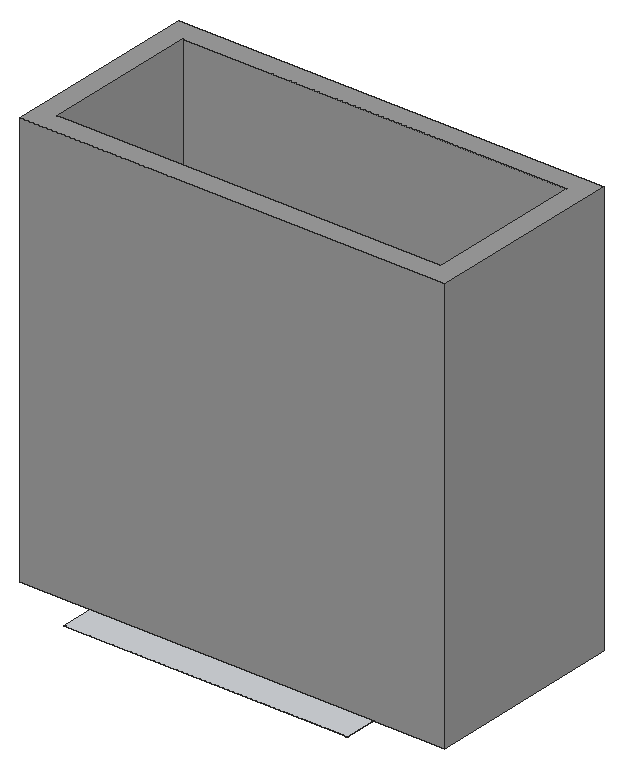
Revit family "WLL_room_template", category Walls, Revit 2024
Family settings
  Work Plane-Based = No
  Always vertical = No
  Cut with Voids When Loaded = No
  Shared = Yes
Parameters
  Type IFC Predefined Type = "PARTITIONING"
  Structural Material = none
  HSL_drofus_room_func_no [instance] = ""
  HSL_WIDTH [instance] = 2367.295 mm
  HSL_ROOM_NUMBER [instance] = ""
  HSL_ROOM_NAME_SHORT [instance] = ""
  HSL_ROOM_NAME [instance] = ""
  HSL_HEIGHT [instance] = 2438.4 mm
  HSL_GROSS_FLOOR_AREA [instance] = 0.00 m²
  HSL_DEPTH [instance] = 1044.001 mm
  HSL_DEPARTMENT_2 [instance] = ""
  HSL_DEPARTMENT_1 [instance] = ""
  HSL_DEPARTMENT [instance] = ""
  HSL_CLIENT_REQ_AREA_DIFF_PERC [instance] = if(HSL_GROSS_FLOOR_AREA - HSL_CLIENT_REQ_AREA = 0.00 m², 0, if(HSL_CLIENT_REQ_AREA = 0.00 m², 9999, 100 * (HSL_GROSS_FLOOR_AREA - HSL_CLIENT_REQ_AREA) / HSL_CLIENT_REQ_AREA))  # 0
  HSL_CLIENT_REQ_AREA_DIFF [instance] = HSL_GROSS_FLOOR_AREA - HSL_CLIENT_REQ_AREA  # 0.00 m²
  HSL_CLIENT_REQ_AREA [instance] = 0.00 m²
  Export Type to IFC As = "IfcWallType"
Reference planes
  plane 1: z = 0
  plane 2: z = 2438.4
  plane 3: x = 0
  plane 4: y = 0
Forms (mm)
  Extrusion 1, solid, material <- "Structural Material", detail levels medium+fine
    sketch origin (230.945, 0, 0) x (1, 0, 0) y (0, 1, 0)
      loop
        line (-1474.593, 582) -> (-1474.593, -582) -> (1012.703, -582) -> (1012.703, 582) -> (-1474.593, 582)
      loop
        line (-1354.593, 462) -> (-1354.593, -462) -> (892.703, -462) -> (892.703, 462) -> (-1354.593, 462)
    from 0 to 2438.4 <- "HSL_HEIGHT"
  Extrusion 2, solid, not visible, detail levels coarse
    sketch origin (230.945, 0, 0) x (1, 0, 0) y (0, 1, 0)
      loop
        line (-1474.593, 582) -> (-1474.593, -582) -> (1012.703, -582) -> (1012.703, 582) -> (-1474.593, 582)
      loop
        line (-1354.593, 462) -> (-1354.593, -462) -> (892.703, -462) -> (892.703, 462) -> (-1354.593, 462)
    from 0 to 2438.4 <- "HSL_HEIGHT"
Dimensions and locks
  "HSL_HEIGHT": plane 2 to level
  aligned and locked: nested 2 to plane 3
  aligned and locked: nested 2 to plane 4
  aligned and locked: nested 3 to plane 3
  aligned and locked: nested 3 to plane 4
Automatic sketch dimensions
  Extrusion 1 sketch curve to Extrusion 1 sketch curve = 120 mm  (x4)
  Extrusion 2 sketch curve to Extrusion 2 sketch curve = 120 mm  (x4)
  Extrusion 1 sketch curve to Extrusion 1 sketch curve = 2247.295 mm
  Extrusion 2 sketch curve to Extrusion 2 sketch curve = 2247.295 mm
  Extrusion 1 sketch curve to Extrusion 1 sketch curve = 924.001 mm
  Extrusion 2 sketch curve to Extrusion 2 sketch curve = 924.001 mm
Nested families
  nested 1: "ANN_Planning_nested_tag" at (-1.878, 0, 0), HSL_DEPTH <- "HSL_DEPTH", HSL_WIDTH <- "HSL_WIDTH", HSL_ROOM_NAME_SHORT <- "HSL_ROOM_NAME_SHORT", HSL_drofus_room_func_no <- "HSL_drofus_room_func_no", HSL_CLIENT_REQ_AREA <- "HSL_CLIENT_REQ_AREA", HSL_GROSS_FLOOR_AREA <- "HSL_GROSS_FLOOR_AREA", type "ANN_Planning_nested_tag"
    with HSL_drofus_room_func_no "", HSL_WIDTH 2367.295 mm, HSL_ROOM_NAME_SHORT "", HSL_ID_INSTANCE "", HSL_GROSS_FLOOR_AREA 0.00 m², HSL_DEPTH 1044.001 mm, HSL_CLIENT_REQ_AREA 0.00 m²
  nested 2: "GEN_Inner_Nested_template" at (0, 0, 0), HSL_DEPARTMENT <- "HSL_DEPARTMENT", HSL_DEPARTMENT_1 <- "HSL_DEPARTMENT_1", HSL_DEPARTMENT_2 <- "HSL_DEPARTMENT_2", HSL_ROOM_NUMBER <- "HSL_ROOM_NUMBER", HSL_drofus_room_func_no <- "HSL_drofus_room_func_no", HSL_CLIENT_REQ_AREA_DIFF <- "HSL_CLIENT_REQ_AREA_DIFF", HSL_CLIENT_REQ_AREA_DIFF_PERC <- "HSL_CLIENT_REQ_AREA_DIFF_PERC", HSL_DEPTH <- "HSL_DEPTH", HSL_HEIGHT <- "HSL_HEIGHT", HSL_WIDTH <- "HSL_WIDTH", type "Rectangle_Inner_Nested", detail levels medium+fine
    with HSL_drofus_room_func_no "", HSL_WIDTH 2367.295 mm, HSL_ROOM_NUMBER "", HSL_HEIGHT 2438.4 mm, HSL_DEPTH 1044.001 mm, HSL_DEPARTMENT_2 "", HSL_DEPARTMENT_1 "", HSL_DEPARTMENT "", HSL_CLIENT_REQ_AREA_DIFF_PERC 0, HSL_CLIENT_REQ_AREA_DIFF 0.00 m²
  nested 3: "GEN_Inner_Nested_Coarse_template" at (0, 0, 0), HSL_DEPTH <- "HSL_DEPTH", HSL_HEIGHT <- "HSL_HEIGHT", HSL_WIDTH <- "HSL_WIDTH", HSL_DEPARTMENT <- "HSL_DEPARTMENT", HSL_DEPARTMENT_1 <- "HSL_DEPARTMENT_1", HSL_DEPARTMENT_2 <- "HSL_DEPARTMENT_2", HSL_ROOM_NUMBER <- "HSL_ROOM_NUMBER", HSL_drofus_room_func_no <- "HSL_drofus_room_func_no", HSL_CLIENT_REQ_AREA_DIFF <- "HSL_CLIENT_REQ_AREA_DIFF", HSL_CLIENT_REQ_AREA_DIFF_PERC <- "HSL_CLIENT_REQ_AREA_DIFF_PERC", type "Rectangle_Inner_Nested", detail levels coarse
    with HSL_drofus_room_func_no "", HSL_WIDTH 2367.295 mm, HSL_ROOM_NUMBER "", HSL_HEIGHT 2438.4 mm, HSL_DEPTH 1044.001 mm, HSL_DEPARTMENT_2 "", HSL_DEPARTMENT_1 "", HSL_DEPARTMENT "", HSL_CLIENT_REQ_AREA_DIFF_PERC 0, HSL_CLIENT_REQ_AREA_DIFF 0.00 m²
Definition of nested family "GEN_Inner_Nested_template"
  Parameters (values of type "Rectangle_Inner_Nested")
    Learning Link = ""
    HSL_drofus_room_func_no [instance] = ""
    HSL_WIDTH [instance] = 1880 mm
    HSL_ROOM_NUMBER [instance] = ""
    HSL_HEIGHT [instance] = 1574.089 mm
    HSL_DEPTH [instance] = 1766.032 mm
    HSL_DEPARTMENT_2 [instance] = ""
    HSL_DEPARTMENT_1 [instance] = ""
    HSL_DEPARTMENT [instance] = ""
    HSL_CLIENT_REQ_AREA_DIFF_PERC [instance] = 0
    HSL_CLIENT_REQ_AREA_DIFF [instance] = 0.00 m²
    Default Elevation = 0 mm
  Reference planes
    plane 1 "Center (Front/Back)": y = 0
    plane 2: z = 0
    plane 3 "Center (Left/Right)": x = 0
    plane 4: z = 1574.089
  Forms (mm)
    Extrusion 1, solid, detail levels medium+fine
      sketch origin (0, 0, 0) x (1, 0, 0) y (0, 1, 0)
        loop
          line (-832.073, 775.089) -> (-832.073, -775.089) -> (832.073, -775.089) -> (832.073, 775.089) -> (-832.073, 775.089)
      from 0 to 1
  Lines and regions (mm)
    model lines, detail levels medium+fine
      curve 1: line (0, 0, 0) -> (0, 0, 1574.089)
  Dimensions and locks
    "HSL_HEIGHT": plane 4 to level
    aligned and locked: level to plane 2
    aligned and locked: plane 4 to curve 1
    aligned and locked: level to curve 1
    aligned and locked: plane 3 "Center (Left/Right)" to curve 1
  Automatic sketch dimensions
    plane 3 "Center (Left/Right)" to Extrusion 1 sketch curve = 832.073 mm
    Extrusion 1 sketch curve to plane 3 "Center (Left/Right)" = 832.073 mm
    Extrusion 1 sketch curve to plane 1 "Center (Front/Back)" = 775.089 mm
    plane 1 "Center (Front/Back)" to Extrusion 1 sketch curve = 775.089 mm
Definition of nested family "ANN_Planning_nested_tag"
  Parameters (values of type "ANN_Planning_nested_tag")
    Learning Link = ""
    HSL_drofus_room_func_no [instance] = "00.00.00"
    HSL_WIDTH [instance] = 2000 mm
    HSL_ROOM_NAME_SHORT [instance] = "SAMPLE"
    HSL_ID_INSTANCE [instance] = ""
    HSL_GROSS_FLOOR_AREA [instance] = 60.00 m²
    HSL_DEPTH [instance] = 3000 mm
    HSL_CLIENT_REQ_AREA [instance] = 30.00 m²
    Default Elevation = 0 mm
  Reference planes
    plane 1 "Center (Front/Back)": y = 0
    plane 2: z = 0
    plane 3 "Center (Left/Right)": x = 0
  Dimensions and locks
    aligned and locked: level to plane 2
  Nested families
    nested 1: "SYM_Planning_Annotation" at (-30, -159.812, 0), HSL_GROSS_FLOOR_AREA <- "HSL_GROSS_FLOOR_AREA", HSL_ROOM_NAME_SHORT <- "HSL_ROOM_NAME_SHORT", HSL_drofus_room_func_no <- "HSL_drofus_room_func_no", HSL_DEPTH <- "HSL_DEPTH", HSL_WIDTH <- "HSL_WIDTH", HSL_CLIENT_REQ_AREA <- "HSL_CLIENT_REQ_AREA", type "SYM_Planning_Annotation"
      with HSL_drofus_room_func_no "00.00.00", HSL_WIDTH 2000 mm, HSL_ROOM_NAME_SHORT "SAMPLE", HSL_GROSS_FLOOR_AREA 60.00 m², HSL_DEPTH 3000 mm, HSL_CLIENT_REQ_AREA 30.00 m²
  Definition of nested family "SYM_Planning_Annotation"
    Parameters (values of type "SYM_Planning_Annotation")
      HSL_drofus_room_func_no [instance] = ""
      HSL_WIDTH [instance] = 0 mm
      HSL_ROOM_NAME_SHORT [instance] = ""
      HSL_GROSS_FLOOR_AREA [instance] = 0.00 m²
      HSL_DEPTH [instance] = 0 mm
      HSL_CLIENT_REQ_AREA [instance] = 0.00 m²
    Reference planes
      plane 1: y = 0
      plane 2: x = 0
    Text (mm)
      label "HSL_WIDTH/ HSL_DEPTH\nHSL_drofus_room_func_no\nHSL_ROOM_NAME_SHORT\nHSL_GROSS_FLOOR_AREA /  [HSL_CLIENT_REQ_AREA]" at (1.878, 17.288, 0), shows "HSL_WIDTH", "HSL_DEPTH", "HSL_drofus_room_func_no", "HSL_ROOM_NAME_SHORT", "HSL_GROSS_FLOOR_AREA", "HSL_CLIENT_REQ_AREA"
Definition of nested family "GEN_Inner_Nested_Coarse_template"
  Parameters (values of type "Rectangle_Inner_Nested")
    Learning Link = ""
    HSL_drofus_room_func_no [instance] = ""
    HSL_WIDTH [instance] = 2000 mm
    HSL_ROOM_NUMBER [instance] = ""
    HSL_HEIGHT [instance] = 1574.089 mm
    HSL_DEPTH [instance] = 2000 mm
    HSL_DEPARTMENT_2 [instance] = ""
    HSL_DEPARTMENT_1 [instance] = ""
    HSL_DEPARTMENT [instance] = ""
    HSL_CLIENT_REQ_AREA_DIFF_PERC [instance] = 0
    HSL_CLIENT_REQ_AREA_DIFF [instance] = 0.00 m²
    Default Elevation = 0 mm
  Reference planes
    plane 1 "Center (Front/Back)": y = 0
    plane 2: z = 0
    plane 3 "Center (Left/Right)": x = 0
    plane 4: z = 1574.089
  Forms (mm)
    Extrusion 1, solid, detail levels coarse
      sketch origin (0, 0, 0) x (1, 0, 0) y (0, 1, 0)
        loop
          arc (-700, 900) -> (-841.421, 841.421) -> (-900, 700) r 200
          line (-900, 700) -> (-900, -700)
          arc (-900, -700) -> (-841.421, -841.421) -> (-700, -900) r 200
          line (-700, -900) -> (700, -900)
          arc (700, -900) -> (841.421, -841.421) -> (900, -700) r 200
          line (900, -700) -> (900, 700)
          arc (900, 700) -> (841.421, 841.421) -> (700, 900) r 200
          line (700, 900) -> (-700, 900)
      from 0 to 1
  Lines and regions (mm)
    model lines, detail levels coarse
      curve 1: line (0, 0, 0) -> (0, 0, 1574.089)
    symbolic lines, detail levels coarse
      curve 2: line (700, 900, 0) -> (-700, 900, 0)
      curve 3: line (900, -700, 0) -> (900, 700, 0)
      curve 4: line (-700, -900, 0) -> (700, -900, 0)
      curve 5: line (-900, 700, 0) -> (-900, -700, 0)
      curve 6: arc (700, 900, 0) -> (841.421, 841.421, 0) -> (900, 700, 0) r 200
      curve 7: arc (-700, 900, 0) -> (-841.421, 841.421, 0) -> (-900, 700, 0) r 200
      curve 8: arc (700, -900, 0) -> (841.421, -841.421, 0) -> (900, -700, 0) r 200
  Dimensions and locks
    "HSL_HEIGHT": plane 4 to level
    aligned and locked: level to plane 2
    aligned and locked: plane 4 to curve 1
    aligned and locked: level to curve 1
    aligned and locked: plane 3 "Center (Left/Right)" to curve 1
  Automatic sketch dimensions
    curve 5 to curve 7 = 200 mm
    curve 6 to curve 6 = 200 mm
    Extrusion 1 sketch curve to Extrusion 1 sketch curve = 200 mm  (x3)
    curve 8 to curve 8 = 200 mm
    plane 3 "Center (Left/Right)" to curve 6 = 700 mm
    plane 3 "Center (Left/Right)" to Extrusion 1 sketch curve = 700 mm
    curve 2 to plane 3 "Center (Left/Right)" = 700 mm
    plane 1 "Center (Front/Back)" to curve 4 = 900 mm
    curve 6 to plane 1 "Center (Front/Back)" = 700 mm
    curve 5 to curve 4 = 200 mm
    curve 4 to curve 5 = 200 mm
    Extrusion 1 sketch curve to plane 3 "Center (Left/Right)" = 700 mm  (x2)
    plane 1 "Center (Front/Back)" to Extrusion 1 sketch curve = 900 mm
    Extrusion 1 sketch curve to plane 1 "Center (Front/Back)" = 700 mm
